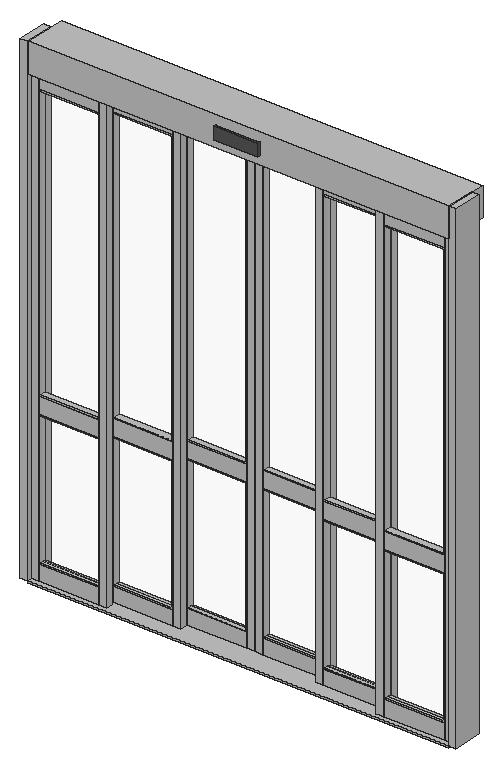
Revit family "Auto-Door_Sliding_BiPart_CurtainWall_Tormax_TX9420", category Doors, Revit 2026
Family settings
  Classification Number = 23.30.10.17.11
  Always vertical = Yes
  Cut with Voids When Loaded = No
  Shared = No
  Room Calculation Point = No
Parameters (values of type "Access Control Glass Sidelight with no Transom")
  headerdepth = if(HD Drive, 1' 1", 0' 11 5/8")  # 0' - 11 5/8"
  Water Penetration = "as Specified"
  Warranty Duration (Years) = 0
  VLT [instance] = 0
  Unit Width [instance] = 9' - 10 3/4"
  Unit Height [instance] = 11' - 0"
  URL = "http://www.tormaxusa.com/"
  U-Factor [instance] = 0
  Transom Height = 0' - 0"
  Thickness = Frame Thickness  # 0' - 4 1/2"
  Test Data = ""
  Structural Test Pressure = "N/A"
  Standards Conformance = "ANSI A156.10  ;  NFPA 101  ;  UL325  ;  C-UL"
  Specification = "http://www.arcat.com/sdspecs/htm/08463tor.htm"
  SpecWizard = ""
  Sensor Color [instance] = Metal - Tormax - Black
  Send Message = "http://www.arcat.com/users.pl?action=UserEmail&company=Tormax+Technologies,+Inc.&coid=43969&rep=108&fax=210-494-5930&mf="
  Sales Information = "http://www.tormaxusa.com/contact.php"
  SHGC [instance] = 0
  Revision = "R1_02-2014"
  ReportPackageWidth [instance] = 9' - 10.88605"
  ReportPackageHeight [instance] = 10' - 11 3/4"
  RO Width [instance] = Unit Width + (RO Spacing_Sides * 2)  # 9' - 11 1/4"
  RO Spacing_Top = 0' - 0 1/4"
  RO Spacing_Sides = 0' - 0 1/4"
  RO Height [instance] = Unit Height + (RO Spacing_Top)  # 11' - 0 1/4"
  Product Properties = ""
  Product Page URL = ""
  Product Data = "http://www.arcat.com/arcatcos/cos43/arc43969.html"
  Panel Width [instance] = (Unit Width - 0' 4 1/2" + 0' 10 1/2") / 6  # 1' - 8.79167"
  Panel Thickness = 0' - 1 3/4"  # constant formula
  Operating Temperature Range = "Ambient -30F to 130F"
  Miami Dade Conformance = "Does Not Apply"
  Max Width [instance] = 16' - 0"
  Max Height [instance] = 8' - 8"
  Include Transom = no
  Has Partial Breakout Capability = yes
  HD Drive = no
  Glazing Tint [instance] = Glass - Tormax - Glazing as Specified
  Glazing Thickness_Transom [instance] = 0' - 0 1/4"
  Glazing Thickness_Sliding Panel [instance] = 0' - 0 1/4"
  Glazing Thickness_Fixed Panel [instance] = 0' - 0 1/4"
  Glazing Stop Width = 0' - 0 1/4"  # constant formula
  Frame Thickness = 0' - 4 1/2"  # constant formula
  Frame Finish [instance] = Metal - Tormax - Aluminum Finished as Specified
  Fixed Panel Material [instance] = Glass - Tormax - Glazing as Specified
  Egress Width [instance] = Clear Door Opening Width + 0' 8"  # 3' - 0.83333"
  Door Threshold [instance] = 9420BP : Recessed Threshold
  Door Stile_Operable Leaf_Wide [instance] = not(Door Stile_Operable Leaf_Narrow)  # no
  Door Stile_Operable Leaf_Narrow [instance] = yes
  Door Stile_Fixed Leaf_Wide [instance] = not(Door Stile_Fixed Leaf_Narrow)  # no
  Door Stile_Fixed Leaf_Narrow [instance] = yes
  Door Stile Width_Operable Leaf [instance] = if(Door Stile_Operable Leaf_Narrow, 0' 2 1/8", 0' 5 1/2")  # 0' - 2 1/8"
  Door Stile Width_Fixed Leaf [instance] = if(Door Stile_Fixed Leaf_Narrow, 0' 2 1/8", 0' 5 1/2")  # 0' - 2 1/8"
  Door Bottom Rail_Tall [instance] = not(Door Bottom Rail_Standard)  # no
  Door Bottom Rail_Standard [instance] = yes
  Door Bottom Rail Height [instance] = if(Door Bottom Rail_Standard, 0' 4", 0' 10")  # 0' - 4"
  Define Thermal Properties by = Schematic Type
  Clear Door Opening Width [instance] = (Panel Width - 0' 6 3/8") * 2  # 2' - 4.83333"
  Clear Door Opening Height [instance] = Unit Height - Transom Height - 0' 8" - 0' 0 5/8"  # 10' - 3 3/8"
  CL Adjustment Location [instance] = 0' - 0"
  Model = "TX9420AC as Specified"
  Manufacturer Website = "http://www.tormaxusa.com/"
  Manufacturer Phone - Toll Free = "888-685-3707"
  Manufacturer Phone = "210-494-3551"
  Manufacturer Fax = "210-494-5930"
  Manufacturer Address = "12859 Wetmore Rd. San Antonio, TX 78247"
  Manufacturer = "TORMAX USA Inc."
  Maintenance Schedule (Months) = 0
  Keynote = "08463"
  Installation-Fabrication = ""
  Installation Phase = ""
  Green Building-LEED = "http://www.arcat.com/green/clients/leed_data_43969.html"
  Function = Interior
  Expected Lifespan (Years) = 0
  Drawn By = "Sumex Design, Inc. / Robert S. Weygant, CSI, CDT, SCIP"
  Description = "Tormax Automatic Sliding BiPart Door - Telescoping Access Controlled TX9420AC as Specified"
  Copyright = "©Arcat Inc."
  Construction Details = "http://www.arcat.com/details/tormax/tormax.html?coid=43969"
  CAD Details = ""
  Breakout Angle [instance] = 45.00°
  Backset from Panel CL [instance] = 0' - 0"
  Available Options = "[Standard Weatherstripping][Clean Room Seals][Electric Lock][Battery Backup][Door Position Monitoring][I/O Module][Key Switch]"
  Assembly Code = "B2030110"
  Analytic Construction = "<None>"
  Air Infiltration = "N/A"
  Access Control = yes
Types (8): name | headerdepth | Transom Height | Include Transom | HD Drive | Clear Door Opening Height | Model | Description | Access Control
  HD Access Control Glass Sidelight with no Transom | 1' - 1" | 0' - 0" | no | yes | 10' - 3 3/8" | "TX9420HDAC as Specified" | "Tormax HD Automatic Sliding BiPart Door - Telescoping Access Controlled TX9420HDAC as Specified" | yes
  HD Access Control Glass Sidelight with Transom | 1' - 1" | 3' - 4" | yes | yes | 6' - 11 3/8" | "TX9420HDAC as Specified" | "Tormax HD Automatic Sliding BiPart Door - Telescoping Access Controlled TX9420HDAC as Specified" | yes
  HD Glass Sidelight with no Transom | 1' - 1" | 0' - 0" | no | yes | 10' - 3 3/8" | "TX9420HD as Specified" | "Tormax HD Automatic Sliding BiPart Door - Telescoping TX9420HD as Specified" | no
  HD Glass Sidelight with Transom | 1' - 1" | 3' - 4" | yes | yes | 6' - 11 3/8" | "TX9420HD as Specified" | "Tormax HD Automatic Sliding BiPart Door - Telescoping TX9420HD as Specified" | no
  Access Control Glass Sidelight with no Transom | 0' - 11 5/8" | 0' - 0" | no | no | 10' - 3 3/8" | "TX9420AC as Specified" | "Tormax Automatic Sliding BiPart Door - Telescoping Access Controlled TX9420AC as Specified" | yes
  Access Control Glass Sidelight with Transom | 0' - 11 5/8" | 3' - 4" | yes | no | 6' - 11 3/8" | "TX9420AC as Specified" | "Tormax Automatic Sliding BiPart Door - Telescoping Access Controlled TX9420AC as Specified" | yes
  Glass Sidelight with no Transom | 0' - 11 5/8" | 0' - 0" | no | no | 10' - 3 3/8" | "TX9420 as Specified" | "Tormax Automatic Sliding BiPart Door - Telescoping TX9420 as Specified" | no
  Glass Sidelight with Transom | 0' - 11 5/8" | 3' - 4" | yes | no | 6' - 11 3/8" | "TX9420 as Specified" | "Tormax Automatic Sliding BiPart Door - Telescoping TX9420 as Specified" | no
Reference planes (in)
  plane 1 "Center (Front/Back": y = 0
  plane 2: z = 0
  plane 3 "Center (Left/Right)": x = -2.55803
  plane 4 "Left": x = -62.25106
  plane 5 "Right": x = 57.13499
  plane 6 "Top": z = 131.75
  plane 7: y = 0
  plane 8 "Frame CL": y = 0
  plane 9: y = 4
  plane 10: y = -4
  plane 11: x = -62.00106
  plane 12: x = 56.88499
  plane 13: z = 132
  plane 14: z = 131.75
Text (in)
  text "Exterior" at (-65.12119, 31.38743, 0), in view "Plan"
Dimensions and locks (in)
  equal spacing: plane 4 "Left", plane 3 "Center (Left/Right)", plane 5 "Right"
  "CL Adjustment Location": plane 1 "Center (Front/Back" to plane 7
  "Backset from Panel CL": plane 7 to plane 8 "Frame CL"
  equal spacing: plane 9, plane 8 "Frame CL", plane 10
  locked: plane 9 to plane 10 at 8
  "RO Spacing_Sides": plane 4 "Left" to plane 11
  "RO Spacing_Sides": plane 12 to plane 5 "Right"
  "RO Spacing_Top": plane 13 to plane 6 "Top"
  "ReportPackageWidth": plane 11 to plane 12
  "ReportPackageHeight": plane 6 "Top" to level
  "Transom Height": plane 6 "Top" to plane 14
  aligned and locked: nested 1 to plane 3 "Center (Left/Right)"
Nested families (in)
  nested 1: "9420BP" at (-2.55803, 0, 66) x (-1, 0, 0) z (0, 1, 0), include transom <- "Include Transom", breakout <- "Has Partial Breakout Capability", accesscontrol <- "Access Control", breakout angle <- "Breakout Angle", doodad finish <- "Sensor Color", fixed glazing thickness <- "Glazing Thickness_Fixed Panel", glazing stop width <- "Glazing Stop Width", Unit Width <- "ReportPackageWidth", Unit Height <- "ReportPackageHeight", transom glazing <- "Glazing Tint", sliding panel glazing <- "Glazing Tint", fixed panel glazing <- "Fixed Panel Material", frame finish <- "Frame Finish", transom height <- "Transom Height", transom glass thickness <- "Glazing Thickness_Transom", stile width_operable <- "Door Stile Width_Operable Leaf", stile width_fixed <- "Door Stile Width_Fixed Leaf", sliding glazing thickness <- "Glazing Thickness_Sliding Panel", bottom rail height <- "Door Bottom Rail Height", type <- "Door Threshold", headerdepth <- "headerdepth", type "Recessed Threshold"
    with transom height 0' - 0", transom glazing Glass - Tormax - Glazing as Specified, transom glass thickness 0' - 0 1/4", stormimpact no, stile width_operable 0' - 2 1/8", stile width_fixed 0' - 2 1/8", sliding panel glazing Glass - Tormax - Glazing as Specified, sliding glazing thickness 0' - 0 1/4", panelheightb 10' - 3 3/4", panelheighta 10' - 3 7/16", panel width 1' - 8.73101", panel thickness 0' - 1 3/4", nonimpact yes, locatepanelfromright 0' - 0", locatepanelfromleft 0' - 0", include transom no, headerdepth 0' - 11 5/8", glazing stop width 0' - 0 1/4", frame finish Metal - Tormax - Aluminum Finished as Specified, fixed panel glazing Glass - Tormax - Glazing as Specified, fixed glazing thickness 0' - 0 1/4", doodad finish Metal - Tormax - Black, center rail width 0' - 4 1/2", breakout angle 45.00°, breakout yes, bottom rail height 0' - 4", air space 0' - 0 5/16", accesscontrol yes, Unit Width 9' - 10.88605", Unit Height 10' - 11 3/4"
Definition of nested family "9420BP"
  Parameters (values of type "No Threshold")
    transom height [instance] = 3' - 4 3/16"
    transom glazing [instance] = none
    transom glass thickness [instance] = 0' - 1"
    surface threshold = no
    stormimpact [instance] = not(nonimpact)  # no
    stile width_operable [instance] = 0' - 2 1/8"
    panelheightb [instance] = Unit Height - transom height - 0' 8" - (air space - 0' 0 5/16")  # 6' - 11 13/16"
    panelheighta [instance] = Unit Height - transom height - 0' 8" - air space  # 6' - 11 1/2"
    nonimpact [instance] = yes
    stile width_fixed [instance] = 0' - 2 1/8"
    sliding panel glazing [instance] = none
    panel width [instance] = (Unit Width - 0' 4" + 0' 9 1/2") / 6  # 1' - 8.91667"
    panel thickness [instance] = 0' - 1 3/4"
    locatepanelfromright [instance] = 0' - 0"  # constant formula
    locatepanelfromleft [instance] = 0' - 0"  # constant formula
    include transom [instance] = yes
    sliding glazing thickness [instance] = 0' - 0 1/2"
    headerdepth [instance] = 0' - 9 3/4"
    glazing stop width [instance] = 0' - 0 1/4"
    frame finish [instance] = none
    fixed panel glazing [instance] = none
    fixed glazing thickness [instance] = 0' - 0 1/4"
    doodad finish [instance] = none
    center rail width [instance] = if(accesscontrol, 0' 4 1/2", 0' 1 3/4")  # 0' - 4 1/2"
    breakout angle [instance] = 45.00°
    breakout [instance] = yes
    bottom rail height [instance] = 0' - 4"
    air space [instance] = if(surface threshold, 0' 0 13/16", 0' 0 5/16")  # 0' - 0 5/16"
    accesscontrol [instance] = yes
    Warranty Duration (Years) = 0
    Unit Width [instance] = 10' - 0"
    Unit Height [instance] = 11' - 0"
    Unit Depth = 2' - 8"
    URL = ""
    Threshold_recessed = no
    Threshold_double bevel = no
    Threshold_bevel interior = no
    Threshold_bevel exterior = no
    Thickness = 0' - 2 1/8"
    Specification = ""
    SpecWizard = ""
    Send Message = ""
    Sales Information = ""
    Revision = "R1_01-2014"
    Product Properties = ""
    Product Data = ""
    Model = "As Specified"
    Manufacturer Website = ""
    Manufacturer Phone - Toll Free = ""
    Manufacturer Phone = ""
    Manufacturer Fax = ""
    Manufacturer Address = ""
    Manufacturer = ""
    Maintenance Schedule (Months) = 0
    Keynote = ""
    Installation-Fabrication = ""
    Installation Phase = ""
    Green Building-LEED = ""
    Expected Lifespan (Years) = 0
    Drawn By = "Sumex Design, Inc. / Robert S. Weygant, CSI, CDT, SCIP"
    Description = ""
    Define Thermal Properties by = 1
    Default Elevation = 0' - 0"
    Copyright = "©Arcat Inc."
    Construction Details = ""
    Assembly Code = ""
    Analytic Construction = "<None>"
  Types (5): name | surface threshold | stormimpact | panelheightb | panelheighta | nonimpact | panel width | headerdepth | air space | Unit Width | Threshold_recessed | Threshold_double bevel | Threshold_bevel interior | Threshold_bevel exterior
    No Threshold | no | no | 6' - 11 13/16" | 6' - 11 1/2" | yes | 1' - 8.91667" | 0' - 9 3/4" | 0' - 0 5/16" | 10' - 0" | no | no | no | no
    Recessed Threshold | no | yes | 6' - 11 13/16" | 6' - 11 1/2" | no | 1' - 2.91667" | 0' - 8" | 0' - 0 5/16" | 7' - 0" | yes | no | no | no
    Bevel to Exterior Threshold | yes | yes | 6' - 11 5/16" | 6' - 11" | no | 1' - 2.91667" | 0' - 8" | 0' - 0 13/16" | 7' - 0" | no | no | no | yes
    Bevel to Interior Threshold | yes | yes | 6' - 11 5/16" | 6' - 11" | no | 1' - 2.91667" | 0' - 8" | 0' - 0 13/16" | 7' - 0" | no | no | yes | no
    Double Bevel Threshold | yes | yes | 6' - 11 5/16" | 6' - 11" | no | 1' - 2.91667" | 0' - 8" | 0' - 0 13/16" | 7' - 0" | no | yes | no | no
  Reference planes (in)
    plane 1 "Center (Front/Back)": y = 0
    plane 2 "Bottom": z = 0
    plane 3 "Center (Left/Right)": x = 0
    plane 4 "FF": y = -66
    plane 5 "Top": y = 66
    plane 6 "Left": x = -60
    plane 7 "Right": x = 60
    plane 8: y = 25.8125
    plane 9: z = 0.5
    plane 10: z = -0.5
    plane 11: x = -58
    plane 12: x = 58
    plane 13: y = -65.6875
    plane 14: z = 4
    plane 15: x = 58
    plane 16: y = 17.8125
    plane 17: y = -66
    plane 18: z = -4
    plane 19: z = 5.75
    plane 20: x = -37.08333
    plane 21: x = 37.08333
    plane 22: x = -20.91667
    plane 23: x = 20.91667
    plane 24: x = -29
    plane 25: x = 29
    plane 26: z = 3.5
    plane 27: z = -0.5
    plane 28: z = -1
  Forms (in)
    Extrusion 1, solid, material <- "frame finish"
      sketch origin (0, 0, 0) x (1, 0, 0) y (0, 0, 1)
        loop
          line (-60, -4) -> (-58, -4) -> (-58, 4) -> (-60, 4) -> (-60, -4)
        loop
          line (58, -4) -> (60, -4) -> (60, 4) -> (58, 4) -> (58, -4)
      from -66 to 66
    Extrusion 2, solid, material <- "frame finish", visible <- "include transom"
      sketch origin (0, 0, 0) x (0, 1, 0) y (0, 0, 1)
        loop
          line (66, 4) -> (64, 4) -> (64, -4) -> (66, -4) -> (66, 4)
      from -58 to 58
    Extrusion 3, solid, material <- "frame finish"
      sketch origin (0, 0, 0) x (0, 1, 0) y (0, 0, 1)
        loop
          line (25.8125, -4) -> (25.8125, 5.75) -> (17.8125, 5.75) -> (17.8125, -4) -> (25.8125, -4)
      from -58 to 58
    Extrusion 4, solid, material <- "transom glazing", visible <- "include transom"
      sketch origin (0, 0, 0) x (0, 1, 0) y (0, 0, 1)
        loop
          line (25.8125, -0.5) -> (64, -0.5) -> (64, 0.5) -> (25.8125, 0.5) -> (25.8125, -0.5)
      from -58 to 58
    Sweep 5, solid, material <- "frame finish", visible <- "include transom"
      path origin (0, 0, 0) x (1, 0, 0) y (0, 1, 0)
        loop
          line (-58, 64) -> (-58, 25.8125) -> (58, 25.8125) -> (58, 64) -> (-58, 64)
      profile origin (0, 64, 0) x (0, 1, 0) y (0, 0, 1)
        loop
          line (0, 0.5) -> (0, 0.5625) -> (-0.75, 0.5625) -> (-0.75, 0.5) -> (0, 0.5)
        loop
          line (0, -0.5) -> (-0.75, -0.5) -> (-0.75, -0.75) -> (0, -0.75) -> (0, -0.5)
    Extrusion 6, solid, material <- "frame finish", visible <- "Threshold_recessed"
      sketch origin (0, 0, 0) x (0, 1, 0) y (0, 0, 1)
        loop
          line (-66, 4) -> (-66.5, 4) -> (-66.5, -4) -> (-66, -4) -> (-66, 4)
      from -58 to 58
    Extrusion 7, solid, material <- "frame finish", visible <- "Threshold_bevel exterior"
      sketch origin (0, 0, 0) x (0, 1, 0) y (0, 0, 1)
        loop
          line (-66, -4) -> (-65.5, -4) -> (-65.5, 4) -> (-66, 5.02762) -> (-66, -4)
      from -58 to 58
    Extrusion 8, solid, material <- "frame finish", visible <- "Threshold_bevel interior"
      sketch origin (0, 0, 0) x (0, 1, 0) y (0, 0, 1)
        loop
          line (-65.5, -4) -> (-65.5, 4) -> (-66, 4) -> (-66, -5) -> (-65.5, -4)
      from -58 to 58
    Extrusion 9, solid, material <- "frame finish", visible <- "Threshold_double bevel"
      sketch origin (0, 0, 0) x (0, 1, 0) y (0, 0, 1)
        loop
          line (-66, 5.02762) -> (-66, -5) -> (-65.5, -4) -> (-65.5, 4) -> (-66, 5.02762)
      from -58 to 58
    Extrusion 10, solid, material <- "doodad finish"
      sketch origin (0, 0, 0) x (0, 1, 0) y (0, 0, 1)
        loop
          line (23.4375, 5.75) -> (23.4375, 6.5) -> (20.1875, 6.5) -> (20.1875, 5.75) -> (23.4375, 5.75)
        loop
          line (23.4375, -4.75) -> (23.4375, -4) -> (20.1875, -4) -> (20.1875, -4.75) -> (23.4375, -4.75)
      from -6 to 6
    Extrusion 11, solid, material <- "frame finish", visible <- "include transom"
      sketch origin (0, 0, 0) x (0, 1, 0) y (0, 0, 1)
        loop
          line (25.8125, 4) -> (25.8125, -4) -> (64, -4) -> (64, 4) -> (25.8125, 4)
      from 0.875 to -0.875
  Cuts and joins
    joined: Extrusion 2, Extrusion 11
  Dimensions and locks (in)
    "Unit Width": plane 6 "Left" to plane 7 "Right"
    equal spacing: plane 5 "Top", plane 1 "Center (Front/Back)", plane 4 "FF"
    "Unit Height": plane 5 "Top" to plane 4 "FF"
    "transom height": plane 5 "Top" to plane 8
    locked: Extrusion 2 sketch curve to plane 5 "Top" at 2
    equal spacing: plane 10, level, plane 9
    "transom glass thickness": plane 10 to plane 9
    locked: Extrusion 4 sketch curve to plane 5 "Top" at 2
    locked: plane 5 "Top" to Sweep 5 sketch curve at 2  (x2)
    locked: plane 9 to Sweep 5 sketch curve at 0.0625
    locked: Sweep 5 sketch curve to Sweep 5 sketch curve at 0.75
    locked: Sweep 5 sketch curve to plane 10 at 0.25
    locked: plane 15 to plane 7 "Right" at 2
    locked: plane 6 "Left" to plane 11 at 2
    "air space": plane 13 to plane 4 "FF"
    locked: plane 16 to plane 8 at 8
    locked: plane 14 to level at 4
    Extrusion 1 sketch curve to level to Extrusion 1 sketch curve = 0' - 4" locked, 0' - 4" locked  (x2)
    Extrusion 6 sketch curve to level to Extrusion 6 sketch curve = 0' - 4" locked, 0' - 4" locked
    locked: Extrusion 6 sketch curve to plane 4 "FF" at 0.5
    Extrusion 7 sketch curve to level to Extrusion 7 sketch curve to Extrusion 7 sketch curve = 0' - 4" locked, 0' - 4" locked, 0' - 1.02762" locked
    Extrusion 8 sketch curve to Extrusion 8 sketch curve to level to Extrusion 8 sketch curve = 0' - 1" locked, 0' - 4" locked, 0' - 4" locked
    Extrusion 9 sketch curve to Extrusion 9 sketch curve to level to Extrusion 9 sketch curve to Extrusion 9 sketch curve = 0' - 1.02762" locked, 0' - 4" locked, 0' - 4" locked, 0' - 1" locked
    locked: plane 4 "FF" to Extrusion 9 sketch curve at 0.5
    locked: plane 4 "FF" to Extrusion 7 sketch curve at 0.5
    locked: plane 4 "FF" to Extrusion 8 sketch curve at 0.5
    locked: plane 16 to Extrusion 10 sketch curve at 2.375  (x2)
    locked: Extrusion 10 sketch curve to plane 8 at 2.375  (x2)
    locked: plane 12 to plane 15
    locked: level to plane 18 at 4
    locked: plane 13 to plane 17 at 0.3125
    "headerdepth": plane 18 to plane 19
    locked: plane 19 to Extrusion 10 sketch curve at 0.75
    "panel width": plane 11 to plane 20
    "panel width": plane 15 to plane 21
    locked: Extrusion 10 sketch curve to plane 18 at 0.75
    equal spacing: plane 7 "Right", plane 3 "Center (Left/Right)", plane 6 "Left"
    "panel width": plane 3 "Center (Left/Right)" to plane 22
    "panel width": plane 23 to plane 3 "Center (Left/Right)"
    equal spacing: plane 22, plane 24, plane 20
    equal spacing: plane 21, plane 25, plane 23
    locked: plane 14 to plane 26 at 0.5
    locked: plane 27 to plane 28 at 0.5
    locked: plane 28 to plane 18 at 3
    locked: Extrusion 11 sketch curve to plane 5 "Top" at 2
    aligned and locked: plane 5 "Top" to Extrusion 1
    aligned and locked: Extrusion 1 to plane 4 "FF"
    aligned and locked: plane 5 "Top" to Extrusion 2 sketch curve
    aligned and locked: plane 8 to Extrusion 3 sketch curve
    aligned and locked: plane 8 to Extrusion 4 sketch curve
    aligned and locked: Sweep 5 sketch curve to plane 8
    aligned and locked: plane 9 to Sweep 5 sketch curve
    aligned and locked: plane 10 to Sweep 5 sketch curve
    aligned and locked: plane 11 to Extrusion 1 sketch curve
    aligned and locked: plane 12 to Extrusion 1 sketch curve
    aligned and locked: Extrusion 1 sketch curve to plane 7 "Right"
    aligned and locked: plane 6 "Left" to Extrusion 1 sketch curve
    aligned and locked: Extrusion 2 to plane 11
    aligned and locked: Extrusion 4 to plane 11
    aligned and locked: plane 12 to Extrusion 4
    aligned and locked: plane 12 to Extrusion 2
    aligned and locked: plane 12 to Extrusion 3
    aligned and locked: Extrusion 3 to plane 11
    aligned and locked: plane 4 "FF" to Extrusion 6 sketch curve
    aligned and locked: Extrusion 9 sketch curve to plane 4 "FF"
    aligned and locked: plane 4 "FF" to Extrusion 7 sketch curve
    aligned and locked: plane 4 "FF" to Extrusion 8 sketch curve
    aligned and locked: plane 15 to Extrusion 7
    aligned and locked: plane 15 to Extrusion 9
    aligned and locked: plane 15 to Extrusion 8
    aligned and locked: plane 15 to Extrusion 6
    aligned and locked: plane 11 to Extrusion 9
    aligned and locked: plane 11 to Extrusion 7
    aligned and locked: plane 11 to Extrusion 8
    aligned and locked: plane 11 to Extrusion 6
    aligned and locked: nested 2 to plane 13
    aligned and locked: plane 13 to nested 1
    aligned and locked: plane 17 to nested 3
    aligned and locked: nested 4 to plane 17
    aligned and locked: plane 11 to nested 3
    aligned and locked: plane 15 to nested 4
    aligned and locked: Extrusion 3 to plane 19
    aligned and locked: Extrusion 10 sketch curve to plane 19
    aligned and locked: nested 1 to plane 3 "Center (Left/Right)"
    aligned and locked: nested 2 to plane 3 "Center (Left/Right)"
    aligned and locked: plane 16 to Extrusion 3 sketch curve
    aligned and locked: plane 18 to Extrusion 10 sketch curve
    aligned and locked: plane 28 to nested 3
    aligned and locked: plane 28 to nested 4
    aligned and locked: plane 27 to nested 5
    aligned and locked: plane 24 to nested 5
    aligned and locked: plane 25 to nested 6
    aligned and locked: nested 6 to plane 27
    aligned and locked: nested 2 to plane 26
    aligned and locked: plane 26 to nested 1
    aligned and locked: nested 6 to plane 13
    aligned and locked: nested 5 to plane 13
    aligned and locked: plane 8 to Extrusion 11 sketch curve
    aligned and locked: Sweep 5 sketch curve to plane 15
    aligned and locked: plane 11 to Sweep 5 sketch curve
    aligned and locked: Sweep 5 sketch curve to Sweep 5 sketch curve  (x2)
  Automatic sketch dimensions
    plane 10 to Extrusion 4 sketch curve = 0' - 0"
    plane 9 to Extrusion 4 sketch curve = 0' - 0"
    plane 18 to Extrusion 3 sketch curve = 0' - 0"
    plane 19 to Extrusion 3 sketch curve = 0' - 0"
    plane 18 to Extrusion 2 sketch curve = 0' - 0"
    Extrusion 2 sketch curve to plane 14 = 0' - 0"
    plane 18 to Extrusion 11 sketch curve = 0' - 0"
    Extrusion 11 sketch curve to plane 14 = 0' - 0"
  Nested families (in)
    nested 1: "FramedPanel" at (10.45833, -23.9375, 2.625), stilewidth <- "stile width_operable", glazing thickness <- "sliding glazing thickness", glassstopwidth <- "glazing stop width", bottomrailheight <- "bottom rail height", Width <- "panel width", breakout angle <- "breakout angle", nonimpact <- "nonimpact", stormimpact <- "stormimpact", frame finish <- "frame finish", fixed panel glazing <- "sliding panel glazing", Height <- "panelheighta", doodad <- "doodad finish", centerrail <- "center rail width", type "FramedPanel"
      with stormimpact no, stilewidth 0' - 2 1/8", rightchannel yes, partialbreakout yes, nonimpact yes, leftchannel no, glazing thickness 0' - 0 1/2", glassstopwidth 0' - 0 1/4", frame finish none, fixed panel glazing none, doodad none, directionalarrowinterior yes, directionalarrowexterior no, centerrail 0' - 4 1/2", breakoutswing yes, breakout angle 45.00°, bottomrailheightactual 0' - 4", bottomrailheight 0' - 4", airspaceunderdoor 0' - 0", built-in parameter 1001301 1' - 8.91667", built-in parameter 1001300 6' - 11 1/2"
    nested 2: "FramedPanel" at (-10.45833, -23.9375, 2.625) x (-1, 0, 0) z (0, 0, 1), stilewidth <- "stile width_operable", glazing thickness <- "sliding glazing thickness", glassstopwidth <- "glazing stop width", bottomrailheight <- "bottom rail height", Width <- "panel width", breakout angle <- "breakout angle", nonimpact <- "nonimpact", stormimpact <- "stormimpact", frame finish <- "frame finish", fixed panel glazing <- "sliding panel glazing", Height <- "panelheighta", doodad <- "doodad finish", centerrail <- "center rail width", type "FramedPanel"
      with stormimpact no, stilewidth 0' - 2 1/8", rightchannel yes, partialbreakout yes, nonimpact yes, leftchannel no, glazing thickness 0' - 0 1/2", glassstopwidth 0' - 0 1/4", frame finish none, fixed panel glazing none, doodad none, directionalarrowinterior yes, directionalarrowexterior no, centerrail 0' - 4 1/2", breakoutswing yes, breakout angle 45.00°, bottomrailheightactual 0' - 4", bottomrailheight 0' - 4", airspaceunderdoor 0' - 0", built-in parameter 1001301 1' - 8.91667", built-in parameter 1001300 6' - 11 1/2"
    nested 3: "FramedPanel" at (-47.54167, -24.09375, -1.875), bottomrailheight <- "bottom rail height", stilewidth <- "stile width_fixed", glazing thickness <- "fixed glazing thickness", glassstopwidth <- "glazing stop width", Width <- "panel width", nonimpact <- "nonimpact", stormimpact <- "stormimpact", frame finish <- "frame finish", fixed panel glazing <- "fixed panel glazing", Height <- "panelheightb", doodad <- "doodad finish", centerrail <- "center rail width", type "FramedPanel"
      with stormimpact no, stilewidth 0' - 2 1/8", rightchannel no, partialbreakout no, nonimpact yes, leftchannel no, glazing thickness 0' - 0 1/4", glassstopwidth 0' - 0 1/4", frame finish none, fixed panel glazing none, doodad none, directionalarrowinterior no, directionalarrowexterior no, centerrail 0' - 4 1/2", breakoutswing no, breakout angle 45.00°, bottomrailheightactual 0' - 4 5/16", bottomrailheight 0' - 4", airspaceunderdoor 0' - 0 5/16", built-in parameter 1001301 1' - 8.91667", built-in parameter 1001300 6' - 11 13/16"
    nested 4: "FramedPanel" at (47.54167, -24.09375, -1.875), bottomrailheight <- "bottom rail height", stilewidth <- "stile width_fixed", glazing thickness <- "fixed glazing thickness", glassstopwidth <- "glazing stop width", Width <- "panel width", nonimpact <- "nonimpact", stormimpact <- "stormimpact", frame finish <- "frame finish", fixed panel glazing <- "fixed panel glazing", Height <- "panelheightb", doodad <- "doodad finish", centerrail <- "center rail width", type "FramedPanel"
      with stormimpact no, stilewidth 0' - 2 1/8", rightchannel no, partialbreakout no, nonimpact yes, leftchannel no, glazing thickness 0' - 0 1/4", glassstopwidth 0' - 0 1/4", frame finish none, fixed panel glazing none, doodad none, directionalarrowinterior no, directionalarrowexterior no, centerrail 0' - 4 1/2", breakoutswing no, breakout angle 45.00°, bottomrailheightactual 0' - 4 5/16", bottomrailheight 0' - 4", airspaceunderdoor 0' - 0 5/16", built-in parameter 1001301 1' - 8.91667", built-in parameter 1001300 6' - 11 13/16"
    nested 5: "FramedPanel" at (-29, -23.9375, 0.375) x (-1, 0, 0) z (0, 0, 1), stilewidth <- "stile width_operable", glazing thickness <- "sliding glazing thickness", glassstopwidth <- "glazing stop width", bottomrailheight <- "bottom rail height", Width <- "panel width", breakout angle <- "breakout angle", nonimpact <- "nonimpact", stormimpact <- "stormimpact", frame finish <- "frame finish", fixed panel glazing <- "sliding panel glazing", Height <- "panelheighta", doodad <- "doodad finish", centerrail <- "center rail width", type "FramedPanel"
      with stormimpact no, stilewidth 0' - 2 1/8", rightchannel yes, partialbreakout no, nonimpact yes, leftchannel no, glazing thickness 0' - 0 1/2", glassstopwidth 0' - 0 1/4", frame finish none, fixed panel glazing none, doodad none, directionalarrowinterior yes, directionalarrowexterior no, centerrail 0' - 4 1/2", breakoutswing no, breakout angle 45.00°, bottomrailheightactual 0' - 4", bottomrailheight 0' - 4", airspaceunderdoor 0' - 0", built-in parameter 1001301 1' - 8.91667", built-in parameter 1001300 6' - 11 1/2"
    nested 6: "FramedPanel" at (29, -23.9375, 0.375), stilewidth <- "stile width_operable", glazing thickness <- "sliding glazing thickness", glassstopwidth <- "glazing stop width", bottomrailheight <- "bottom rail height", Width <- "panel width", breakout angle <- "breakout angle", nonimpact <- "nonimpact", stormimpact <- "stormimpact", frame finish <- "frame finish", fixed panel glazing <- "sliding panel glazing", Height <- "panelheighta", doodad <- "doodad finish", centerrail <- "center rail width", type "FramedPanel"
      with stormimpact no, stilewidth 0' - 2 1/8", rightchannel yes, partialbreakout no, nonimpact yes, leftchannel no, glazing thickness 0' - 0 1/2", glassstopwidth 0' - 0 1/4", frame finish none, fixed panel glazing none, doodad none, directionalarrowinterior yes, directionalarrowexterior no, centerrail 0' - 4 1/2", breakoutswing no, breakout angle 45.00°, bottomrailheightactual 0' - 4", bottomrailheight 0' - 4", airspaceunderdoor 0' - 0", built-in parameter 1001301 1' - 8.91667", built-in parameter 1001300 6' - 11 1/2"
  Definition of nested family "FramedPanel"
    Parameters (values of type "FramedPanel")
      stormimpact [instance] = yes
      stilewidth [instance] = 0' - 2 3/16"
      rightchannel [instance] = yes
      partialbreakout [instance] = yes
      nonimpact [instance] = no
      leftchannel [instance] = yes
      glazing thickness [instance] = 0' - 0 3/4"
      glassstopwidth [instance] = 0' - 0 1/4"
      frame finish [instance] = none
      fixed panel glazing [instance] = none
      doodad [instance] = none
      directionalarrowinterior [instance] = yes
      directionalarrowexterior [instance] = yes
      centerrail [instance] = 0' - 4 1/2"
      breakoutswing [instance] = yes
      breakout angle [instance] = 45.00°
      bottomrailheightactual [instance] = bottomrailheight + airspaceunderdoor  # 0' - 6 1/2"
      bottomrailheight [instance] = 0' - 6"
      airspaceunderdoor [instance] = 0' - 0 1/2"
      Width [instance] = 2' - 8"
      Warranty Duration (Years) = 0
      URL = ""
      Specification = ""
      SpecWizard = ""
      Send Message = ""
      Sales Information = ""
      Revision = "R1_01-2014"
      Product Properties = ""
      Product Data = ""
      Model = "As Specified"
      Manufacturer Website = ""
      Manufacturer Phone - Toll Free = ""
      Manufacturer Phone = ""
      Manufacturer Fax = ""
      Manufacturer Address = ""
      Manufacturer = ""
      Maintenance Schedule (Months) = 0
      Keynote = ""
      Installation-Fabrication = ""
      Installation Phase = ""
      Height [instance] = 6' - 0"
      Green Building-LEED = ""
      Expected Lifespan (Years) = 0
      Drawn By = "Sumex Design, Inc. / Robert S. Weygant, CSI, CDT, SCIP"
      Description = ""
      Define Thermal Properties by = 1
      Default Elevation = 0' - 0"
      Copyright = "©Arcat Inc."
      Construction Details = ""
      Assembly Code = ""
      Analytic Construction = "<None>"
    Reference planes (in)
      plane 1 "Center (Front/Back)": y = 0
      plane 2 "Bottom": z = 0
      plane 3 "Center (Left/Right)": x = 0
      plane 4 "Front": y = -36
      plane 5 "Back": y = 36
      plane 6 "Left": x = -16
      plane 7 "Right": x = 16
      plane 8 "Side1": z = 0.875
      plane 9: z = -0.875
      plane 10: z = 0.375
      plane 11: z = -0.375
      plane 12: y = -29.5
      plane 13: y = -29.25
      plane 14: x = -13.8125
      plane 15: y = 32.5
      plane 16: y = 7.25
      plane 17: y = 9.5
      plane 18: y = 5
      plane 19: y = 9.75
      plane 20: y = 4.75
      plane 21: x = -13.5625
      plane 22: x = 13.8125
      plane 23: y = 32.25
      plane 24: y = -35.5
      plane 25: y = 0.25
      plane 26: x = 13.5625
    Forms (in)
      Extrusion 1, solid, material <- "frame finish"
        sketch origin (-14.75, 57.80249, -0.875) x (1, 0, 0) y (0, 1, 0)
          loop
            line (30.75, -21.80249) -> (28.5625, -21.80249) -> (28.5625, -93.80249) -> (30.75, -93.80249) -> (30.75, -21.80249)
          loop
            line (-1.25, -21.80249) -> (-1.25, -93.80249) -> (0.9375, -93.80249) -> (0.9375, -21.80249) -> (-1.25, -21.80249)
        from 0 to 1.75
      Extrusion 2, solid, material <- "frame finish"
        sketch origin (-14.75, 57.80249, -0.875) x (1, 0, 0) y (0, 1, 0)
          loop
            line (0.9375, -21.80249) -> (0.9375, -25.30249) -> (28.5625, -25.30249) -> (28.5625, -21.80249) -> (0.9375, -21.80249)
        from 0 to 1.75
      Extrusion 3, solid, material <- "frame finish", visible <- "nonimpact"
        sketch origin (-14.75, 57.80249, -0.875) x (1, 0, 0) y (0, 1, 0)
          loop
            line (0.9375, -48.30249) -> (0.9375, -52.80249) -> (28.5625, -52.80249) -> (28.5625, -48.30249) -> (0.9375, -48.30249)
        from 0 to 1.75
      Extrusion 4, solid, material <- "frame finish"
        sketch origin (-14.75, 57.80249, -0.875) x (1, 0, 0) y (0, 1, 0)
          loop
            line (28.5625, -87.30249) -> (0.9375, -87.30249) -> (0.9375, -93.80249) -> (28.5625, -93.80249) -> (28.5625, -87.30249)
        from 0 to 1.75
      Extrusion 5, solid, material <- "frame finish", visible <- "nonimpact"
        sketch origin (-14.75, 57.80249, -0.875) x (1, 0, 0) y (0, 1, 0)
          loop
            line (0.9375, -25.30249) -> (0.9375, -48.30249) -> (28.5625, -48.30249) -> (28.5625, -25.30249) -> (0.9375, -25.30249)
          loop
            line (1.1875, -48.05249) -> (28.3125, -48.05249) -> (28.3125, -25.55249) -> (1.1875, -25.55249) -> (1.1875, -48.05249)
        from 0 to 1.75
      Extrusion 6, solid, material <- "frame finish", visible <- "nonimpact"
        sketch origin (-14.75, 57.80249, -0.875) x (1, 0, 0) y (0, 1, 0)
          loop
            line (0.9375, -52.80249) -> (0.9375, -87.30249) -> (28.5625, -87.30249) -> (28.5625, -52.80249) -> (28.3125, -52.80249) -> (28.3125, -87.05249) -> (1.1875, -87.05249) -> (1.1875, -52.80249) -> (0.9375, -52.80249)
        from 0 to 1.75
      Extrusion 7, solid, material <- "frame finish", visible <- "nonimpact"
        sketch origin (-14.75, 57.80249, -0.875) x (1, 0, 0) y (0, 1, 0)
          loop
            line (1.1875, -52.80249) -> (1.1875, -53.05249) -> (28.3125, -53.05249) -> (28.3125, -52.80249) -> (1.1875, -52.80249)
        from 0 to 1.75
      Extrusion 8, solid, material <- "frame finish", visible <- "stormimpact"
        sketch origin (-14.75, 57.80249, -0.875) x (1, 0, 0) y (0, 1, 0)
          loop
            line (0.9375, -25.30249) -> (0.9375, -87.30249) -> (28.5625, -87.30249) -> (28.5625, -25.30249) -> (28.3125, -25.30249) -> (28.3125, -87.05249) -> (1.1875, -87.05249) -> (1.1875, -25.30249) -> (0.9375, -25.30249)
        from 0 to 1.75
      Extrusion 9, solid, material <- "frame finish", visible <- "stormimpact"
        sketch origin (-14.75, 57.80249, -0.875) x (1, 0, 0) y (0, 1, 0)
          loop
            line (1.1875, -25.30249) -> (1.1875, -25.55249) -> (28.3125, -25.55249) -> (28.3125, -25.30249) -> (1.1875, -25.30249)
        from 0 to 1.75
      Extrusion 10, solid, material <- "fixed panel glazing"
        sketch origin (-14.75, 57.80249, -0.875) x (1, 0, 0) y (0, 1, 0)
          loop
            line (1.1875, -25.55249) -> (1.1875, -87.05249) -> (28.3125, -87.05249) -> (28.3125, -25.55249) -> (1.1875, -25.55249)
        from 0.5 to 1.25
      Extrusion 11, solid, material <- "doodad", visible <- "rightchannel"
        sketch origin (0, 0, 0) x (1, 0, 0) y (0, 0, 1)
          loop
            line (14.65625, -0.875) -> (14.65625, -1.375) -> (15.15625, -1.375) -> (15.15625, -0.875) -> (14.65625, -0.875)
        from -36 to 36
      Extrusion 12, solid, material <- "doodad", visible <- "leftchannel"
        sketch origin (-29.8125, 0, 0) x (1, 0, 0) y (0, 0, 1)
          loop
            line (14.65625, -0.875) -> (14.65625, -1.375) -> (15.15625, -1.375) -> (15.15625, -0.875) -> (14.65625, -0.875)
        from -36 to 36
    Lines and regions (in)
      Masking region 1, visible <- "directionalarrowexterior"
        outline origin (0, 0, 0) x (1, 0, 0) y (0, 0, 1)
          loop
            line (-2.23256, 3.10174) -> (2.23256, 3.10174) -> (2.23256, 2.125) -> (3.76744, 3.65988) -> (2.23256, 5.19477) -> (2.23256, 4.21802) -> (-2.23256, 4.21802) -> (-2.23256, 3.10174)
      Masking region 2, visible <- "directionalarrowinterior"
        outline origin (0, 0, -9.75) x (1, 0, 0) y (0, 0, 1)
          loop
            line (-2.23256, 5.53198) -> (2.23256, 5.53198) -> (2.23256, 4.55523) -> (3.76744, 6.09012) -> (2.23256, 7.625) -> (2.23256, 6.64826) -> (-2.23256, 6.64826) -> (-2.23256, 5.53198)
      reference lines
        curve 1: line (-13.5625, -8.19751, -0.5) -> (-13.5625, -8.19751, 19)
        curve 6: line (16, 0, 0.875) -> (7.51472, 0, 9.36028)
      symbolic lines, visible <- "breakoutswing"
        curve 2: line (-16, 36, 0) -> (16, 0.25, 0)
        curve 3: line (16, 0.25, 0) -> (-16, -35.5, 0)
      model lines, visible <- "breakoutswing"
        curve 4: arc (-16, -36, 0.875) -> (-13.56415, -36, 13.12087) -> (-6.62742, -36, 23.50242) r 32
      model lines, visible <- "partialbreakout"
        curve 5: line (16, -36, 0.875) -> (-6.62742, -36, 23.50242)
      symbolic lines, visible <- "partialbreakout"
        curve 7: line (-6.62742, 0, 23.50242) -> (-7.86485, 0, 22.26498)
        curve 8: line (-7.86485, 0, 22.26498) -> (14.76256, 0, -0.36244)
        curve 9: line (16, 0, 0.875) -> (14.76256, 0, -0.36244)
    Dimensions and locks (in)
      equal spacing: plane 6 "Left", plane 3 "Center (Left/Right)", plane 7 "Right"
      "Width": plane 6 "Left" to plane 7 "Right"
      equal spacing: plane 5 "Back", plane 1 "Center (Front/Back)", plane 4 "Front"
      "Height": plane 5 "Back" to plane 4 "Front"
      locked: plane 8 "Side1" to level at 0.875
      locked: level to plane 9 at 0.875
      equal spacing: plane 10, level, plane 11
      "glazing thickness": plane 10 to plane 11
      "bottomrailheight": plane 12 to plane 24
      "glassstopwidth": plane 13 to plane 12
      "stilewidth": plane 6 "Left" to plane 14
      locked: plane 5 "Back" to plane 15 at 3.5
      locked: plane 16 to plane 24 at 42.75
      equal spacing: plane 17, plane 16, plane 18
      "glassstopwidth": plane 19 to plane 17
      "glassstopwidth": plane 18 to plane 20
      "glassstopwidth": plane 14 to plane 21
      "stilewidth": plane 22 to plane 7 "Right"
      "glassstopwidth": plane 15 to plane 23
      "airspaceunderdoor": plane 24 to plane 4 "Front"
      equal spacing: plane 5 "Back", plane 25, plane 24
      "glassstopwidth": plane 26 to plane 22
      "Width": curve 7 to curve 9
      "bottomrailheightactual": plane 12 to Extrusion 4 sketch curve
      "bottomrailheightactual": plane 12 to Extrusion 1 sketch curve  (x2)
      plane 22 to Extrusion 11 sketch curve to Extrusion 11 sketch curve = 0' - 0 27/32" locked, 0' - 0 1/2" locked
      locked: Extrusion 12 sketch curve to Extrusion 12 sketch curve at 0.5
      locked: plane 14 to Extrusion 12 sketch curve at 0.84375
      "centerrail": plane 17 to plane 18
      Masking region 1 sketch curve to Masking region 1 sketch curve to Masking region 1 sketch curve to plane 3 "Center (Left/Right)" to Masking region 1 sketch curve = 0' - 1.53488" locked, 0' - 0" locked, 0' - 2.23256" locked, 0' - 2.23256" locked
      Masking region 2 sketch curve to Masking region 2 sketch curve to Masking region 2 sketch curve to plane 3 "Center (Left/Right)" to Masking region 2 sketch curve = 0' - 1.53488" locked, 0' - 0" locked, 0' - 2.23256" locked, 0' - 2.23256" locked
      "Width": radius of curve 4
      "breakout angle": angle curve 5 to plane 8 "Side1"
      "breakout angle": angle curve 6 to plane 8 "Side1"
      aligned: Extrusion 4 to plane 4 "Front"
      aligned and locked: plane 12 to Extrusion 4
      aligned and locked: Extrusion 8 to plane 12
      aligned and locked: plane 13 to Extrusion 8
      aligned and locked: Extrusion 6 to plane 12
      aligned and locked: plane 13 to Extrusion 6
      aligned and locked: Extrusion 10 to plane 13
      aligned and locked: plane 6 "Left" to Extrusion 1 sketch curve
      aligned and locked: Extrusion 1 sketch curve to plane 14
      aligned and locked: plane 7 "Right" to Extrusion 1 sketch curve
      aligned and locked: Extrusion 8 sketch curve to plane 21
      aligned and locked: Extrusion 8 sketch curve to plane 14
      aligned and locked: plane 22 to Extrusion 8 sketch curve
      aligned and locked: plane 15 to Extrusion 8 sketch curve  (x2)
      aligned and locked: plane 21 to Extrusion 7 sketch curve
      aligned and locked: Extrusion 7 sketch curve to plane 20
      aligned and locked: plane 18 to Extrusion 7 sketch curve
      aligned and locked: plane 18 to Extrusion 6 sketch curve  (x2)
      aligned and locked: Extrusion 6 sketch curve to plane 14
      aligned and locked: Extrusion 6 sketch curve to plane 21
      aligned and locked: plane 22 to Extrusion 6 sketch curve
      aligned and locked: Extrusion 6 sketch curve to plane 12
      aligned and locked: plane 13 to Extrusion 6 sketch curve
      aligned and locked: plane 18 to Extrusion 3 sketch curve
      aligned and locked: Extrusion 3 sketch curve to plane 17
      aligned and locked: plane 14 to Extrusion 3 sketch curve
      aligned and locked: plane 17 to Extrusion 5 sketch curve
      aligned and locked: Extrusion 5 sketch curve to plane 19
      aligned and locked: plane 14 to Extrusion 5 sketch curve
      aligned and locked: plane 21 to Extrusion 5 sketch curve
      aligned and locked: Extrusion 5 sketch curve to plane 15
      aligned and locked: plane 23 to Extrusion 5 sketch curve
      aligned and locked: Extrusion 2 sketch curve to plane 15
      aligned and locked: Extrusion 2 sketch curve to plane 14
      aligned and locked: plane 5 "Back" to Extrusion 2 sketch curve
      aligned and locked: Extrusion 9 sketch curve to plane 23
      aligned and locked: plane 15 to Extrusion 9 sketch curve
      aligned and locked: plane 21 to Extrusion 9 sketch curve
      aligned and locked: Extrusion 1 sketch curve to plane 5 "Back"  (x2)
      aligned: plane 7 "Right" to Extrusion 4
      aligned and locked: Extrusion 10 sketch curve to plane 21
      aligned and locked: Extrusion 10 sketch curve to plane 23
      aligned and locked: plane 13 to Extrusion 10 sketch curve
      aligned and locked: Extrusion 4 sketch curve to plane 14
      aligned and locked: plane 12 to Extrusion 4 sketch curve
      aligned and locked: plane 24 to curve 3
      aligned and locked: plane 6 "Left" to curve 3
      aligned and locked: plane 5 "Back" to curve 2
      aligned and locked: plane 6 "Left" to curve 2
      aligned and locked: plane 10 to Extrusion 10
      aligned and locked: Extrusion 10 to plane 11
      aligned and locked: plane 8 "Side1" to Extrusion 1
      aligned and locked: Extrusion 1 to plane 9
      aligned and locked: plane 8 "Side1" to Extrusion 4
      aligned and locked: Extrusion 4 to plane 9
      aligned and locked: plane 8 "Side1" to curve 5
      aligned and locked: plane 8 "Side1" to curve 4
      aligned and locked: plane 26 to Extrusion 9 sketch curve
      aligned and locked: plane 26 to Extrusion 5 sketch curve
      aligned and locked: plane 22 to Extrusion 5 sketch curve
      aligned and locked: Extrusion 10 sketch curve to plane 26
      aligned and locked: Extrusion 2 sketch curve to plane 22
      aligned and locked: plane 26 to Extrusion 8 sketch curve
      aligned and locked: plane 7 "Right" to curve 4
      aligned and locked: plane 7 "Right" to curve 5
      aligned and locked: plane 22 to Extrusion 3 sketch curve
      aligned and locked: plane 26 to Extrusion 6 sketch curve
      aligned and locked: plane 26 to Extrusion 7 sketch curve
      aligned and locked: plane 22 to Extrusion 1 sketch curve
      aligned and locked: Extrusion 4 sketch curve to plane 22
      aligned and locked: plane 25 to curve 2
      aligned and locked: plane 7 "Right" to curve 3
      aligned and locked: plane 7 "Right" to curve 6
      aligned and locked: plane 8 "Side1" to curve 6
      aligned and locked: Extrusion 11 to plane 4 "Front"
      aligned and locked: plane 5 "Back" to Extrusion 11
      aligned and locked: Extrusion 12 to plane 4 "Front"
      aligned and locked: plane 5 "Back" to Extrusion 12
    Automatic sketch dimensions
      Extrusion 8 sketch curve to plane 12 = 0' - 0"
      Extrusion 8 sketch curve to plane 13 = 0' - 0"
      plane 21 to curve 1 = 0' - 0"
      curve 1 to plane 11 = 0' - 0 1/8"
      plane 8 "Side1" to curve 1 = 1' - 6 1/8"
      Extrusion 11 sketch curve to plane 9 = 0' - 0"
      Extrusion 11 sketch curve to plane 9 = 0' - 0 1/2"
      Extrusion 12 sketch curve to plane 9 = 0' - 0"
      Extrusion 12 sketch curve to plane 9 = 0' - 0 1/2"
      plane 8 "Side1" to Masking region 1 sketch curve = 0' - 1 1/4"
      plane 8 "Side1" to Masking region 1 sketch curve = 0' - 2.22674"
      Masking region 1 sketch curve to Masking region 1 sketch curve = 0' - 0.55814"
      Masking region 1 sketch curve to Masking region 1 sketch curve = 0' - 0.97674"
      Masking region 2 sketch curve to plane 9 = 0' - 4.31977"
      Masking region 2 sketch curve to plane 9 = 0' - 3.34302"
      Masking region 2 sketch curve to Masking region 2 sketch curve = 0' - 0.55814"
      Masking region 2 sketch curve to Masking region 2 sketch curve = 0' - 0.97674"
      curve 9 to curve 6 = 0' - 0"  (x2)
      curve 7 to curve 6 = 0' - 0"
      curve 6 to curve 8 = 0' - 1 3/4"
